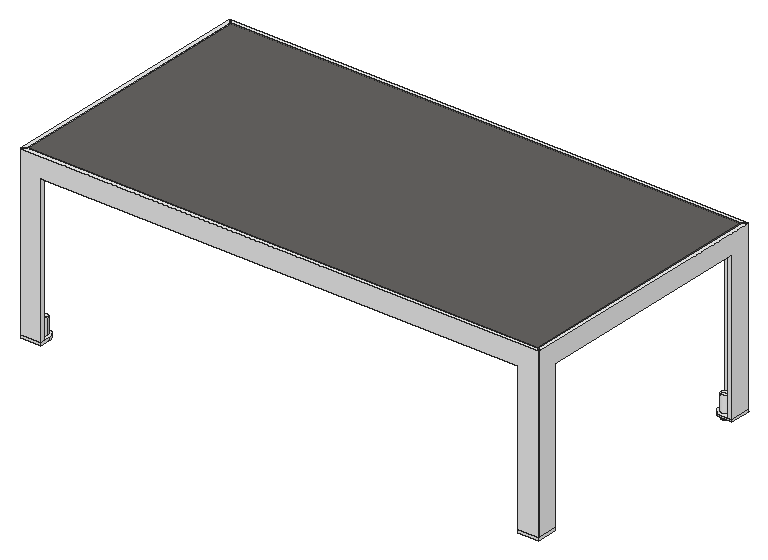
Revit family "Table-Multi_Use-Teknion-PRBB-R2014", category Furniture, Revit 2014
Parameters (values of type "(See Type Catalog)")
  Width = 50 123/128"
  Warranty = "http://www.teknionstudio.com/pdfs/Teknion%20Studio%20Warranty.pdf"
  Unit Weight = 0.00 lbf
  URL = "www.teknionstudio.com"
  Table Top Finish = Veneer - Teknion - P7 - Grey Oak
  Series = "B&B Italia"
  Product Page URL = "http://www.teknionstudio.com/progetto1/"
  Product Line = "Progetto"
  Product Documentation Link = "http://www.teknionstudio.com/pricing/progetto_ppg.pdf"
  Part Number = "PRBB"
  Model = ""
  Manufacturer Phone = "919-464-2920"
  Manufacturer Fax = "919-464-2927"
  Manufacturer Email = "customersupport@teknionstudio.com"
  Manufacturer Address = "3941 US 70 Business HWY West, Clayton, NC 27520"
  Manufacturer = "StudioTK"  # constant formula
  Low Emitting Material = yes
  Low Emitting Finish = yes
  Interior Frame Finish = Metal - Teknion - 52 - Painted Ebony
  Height = 17 13/256"
  Foot Offset = if(Adjustable Foot, 5/8", 1/4")  # 5/8"
  Fixed Foot = not(Adjustable Foot)  # no
  Exterior Frame Finish = Metal - Teknion - C6 - Chrome
  Description = "Multi Use Table with Single Internal Frame, 26\"d x 52\"w x 17\"h, Veneer Top, Adjustable Foot"
  Depth = 25 197/256"
  Assembly Code = "E2020200"
  Adjustable Foot = yes
Reference planes (in)
  plane 1 "Center F/B": y = 0
  plane 2: z = 0
  plane 3 "Center L/R": x = 0
  plane 4 "Left": x = -25.48047
  plane 5 "Right": x = 25.48047
  plane 6 "Back": y = 12.88477
  plane 7 "Front": y = -12.88477
  plane 8 "Top": z = 17.05078
  plane 9: z = 0.625
  plane 10 "Revolve Front": y = -11.61319
  plane 11 "Revolve Back": y = 11.61319
Forms (in)
  Sweep 1, solid, material "Veneer - Teknion - P7 - Grey Oak" <- "Table Top Finish"
    path origin (0, 0, 17.05078) x (-1, 0, 0) y (0, -1, 0)
      loop
        line (25.07905, 0) -> (-25.07905, 0)
    profile origin (0, 0, 17.05078) x (0, 1, 0) y (0, 0, 1)
      loop
        line (12.48335, 0) -> (-12.48335, 0) -> (-12.48335, -0.40625) -> (12.48335, -0.40625) -> (12.48335, 0)
  Sweep 2, solid, material "Metal - Teknion - C6 - Chrome" <- "Exterior Frame Finish"
    path origin (0, 0, 0) x (1, 0, 0) y (0, 0, 1)
      loop
        line (0, 17.05078) -> (0, 0.625)
    profile origin (0, 0, 8.83789) x (0, -1, 0) y (1, 0, 0)
      loop
        line (-10.8641, -25.07905) -> (-12.38506, -25.07905) -> (-12.78648, -25.48047) -> (-10.8641, -25.48047) -> (-10.8641, -25.07905)
      loop
        line (-12.48335, -24.98077) -> (-12.48335, -23.4598) -> (-12.88477, -23.4598) -> (-12.88477, -25.38218) -> (-12.48335, -24.98077)
      loop
        line (-10.8641, 25.07905) -> (-10.8641, 25.48047) -> (-12.78648, 25.48047) -> (-12.38506, 25.07905) -> (-10.8641, 25.07905)
      loop
        line (-12.48335, 24.98077) -> (-12.88477, 25.38218) -> (-12.88477, 23.4598) -> (-12.48335, 23.4598) -> (-12.48335, 24.98077)
      loop
        line (10.8641, 25.07905) -> (12.38506, 25.07905) -> (12.78648, 25.48047) -> (10.8641, 25.48047) -> (10.8641, 25.07905)
      loop
        line (12.48335, 24.98077) -> (12.48335, 23.4598) -> (12.88477, 23.4598) -> (12.88477, 25.38218) -> (12.48335, 24.98077)
      loop
        line (10.8641, -25.07905) -> (10.8641, -25.48047) -> (12.78648, -25.48047) -> (12.38506, -25.07905) -> (10.8641, -25.07905)
      loop
        line (12.48335, -24.98077) -> (12.88477, -25.38218) -> (12.88477, -23.4598) -> (12.48335, -23.4598) -> (12.48335, -24.98077)
  Sweep 3, solid, material "Metal - Teknion - C6 - Chrome" <- "Exterior Frame Finish"
    path origin (0, 0, 17.05078) x (-1, 0, 0) y (0, -1, 0)
      loop
        line (0, 10.8641) -> (0, -10.8641)
    profile origin (0, 0, 17.05078) x (-1, 0, 0) y (0, 0, 1)
      loop
        line (25.48047, 0) -> (25.07905, 0) -> (25.07905, -1.9685) -> (25.48047, -1.9685) -> (25.48047, 0)
      loop
        line (-25.48047, 0) -> (-25.48047, -1.9685) -> (-25.07905, -1.9685) -> (-25.07905, 0) -> (-25.48047, 0)
  Sweep 4, solid, material "Metal - Teknion - C6 - Chrome" <- "Exterior Frame Finish", visible <- "Adjustable Foot"
    path origin (0, 0, 0) x (1, 0, 0) y (0, 0, 1)
      loop
        line (0, 0.376) -> (0, 0.625)
    profile origin (0, 0, 0.5005) x (-1, 0, 0) y (0, -1, 0)
      loop
        line (25.48047, -12.88477) -> (25.48047, -10.8641) -> (24.4598, -10.8641)
        arc (24.4598, -10.8641) -> (23.75269, -11.15699) -> (23.4598, -11.8641) r 1
        line (23.4598, -11.8641) -> (23.4598, -12.88477) -> (25.48047, -12.88477)
      loop
        line (-25.48047, -12.88477) -> (-23.4598, -12.88477) -> (-23.4598, -11.8641)
        arc (-23.4598, -11.8641) -> (-23.75269, -11.15699) -> (-24.4598, -10.8641) r 1
        line (-24.4598, -10.8641) -> (-25.48047, -10.8641) -> (-25.48047, -12.88477)
      loop
        line (-25.48047, 12.88477) -> (-25.48047, 10.8641) -> (-24.4598, 10.8641)
        arc (-24.4598, 10.8641) -> (-23.75269, 11.15699) -> (-23.4598, 11.8641) r 1
        line (-23.4598, 11.8641) -> (-23.4598, 12.88477) -> (-25.48047, 12.88477)
      loop
        line (25.48047, 12.88477) -> (23.4598, 12.88477) -> (23.4598, 11.8641)
        arc (23.4598, 11.8641) -> (23.75269, 11.15699) -> (24.4598, 10.8641) r 1
        line (24.4598, 10.8641) -> (25.48047, 10.8641) -> (25.48047, 12.88477)
  Revolve 5, solid, material "Metal - Teknion - C6 - Chrome" <- "Exterior Frame Finish", visible <- "Adjustable Foot"
    sketch origin (0, -11.61319, 0) x (1, 0, 0) y (0, 0, 1)
      loop
        line (-23.8348, 2.17054) -> (-24.2098, 2.17054) -> (-24.2098, 0) -> (-23.8973, 0) -> (-23.8973, 0.126) -> (-23.8348, 0.126) -> (-23.8348, 2.17054)
      axis (-24.2098, 0) -> (-24.2098, 2.17054)
    angle from 0 to 360
  Sweep 6, solid, material "Metal - Teknion - C6 - Chrome" <- "Exterior Frame Finish", visible <- "Fixed Foot"
    path origin (0, -11.61319, 0) x (1, 0, 0) y (0, 0, 1)
      loop
        line (0, 0.376) -> (0, 0.625)
    profile origin (0, -11.61319, 0.5005) x (-1, 0, 0) y (0, -1, 0)
      loop
        line (23.4598, -24.09654) -> (23.4598, -24.49795) -> (25.48047, -24.49795) -> (25.48047, -22.47729) -> (25.07905, -22.47729) -> (25.07905, -24.09654) -> (23.4598, -24.09654)
      loop
        line (-23.4598, -24.49795) -> (-23.4598, -24.09654) -> (-25.07905, -24.09654) -> (-25.07905, -22.47729) -> (-25.48047, -22.47729) -> (-25.48047, -24.49795) -> (-23.4598, -24.49795)
      loop
        line (-25.48047, -0.74909) -> (-25.07905, -0.74909) -> (-25.07905, 0.87016) -> (-23.4598, 0.87016) -> (-23.4598, 1.27158) -> (-25.48047, 1.27158) -> (-25.48047, -0.74909)
      loop
        line (23.4598, 1.27158) -> (23.4598, 0.87016) -> (25.07905, 0.87016) -> (25.07905, -0.74909) -> (25.48047, -0.74909) -> (25.48047, 1.27158) -> (23.4598, 1.27158)
  Sweep 7, solid, material "Metal - Teknion - 52 - Painted Ebony" <- "Interior Frame Finish"
    path origin (0, 0, 17.05078) x (-1, 0, 0) y (0, -1, 0)
      loop
        line (25.07905, -12.48335) -> (25.07905, 12.48335) -> (-25.07905, 12.48335) -> (-25.07905, -12.48335) -> (25.07905, -12.48335)
    profile origin (-25.07905, 0, 17.05078) x (-1, 0, 0) y (0, 0, 1)
      loop
        line (-0.40142, -1.9685) -> (0, -1.9685) -> (0, -0.40625) -> (-0.40142, -0.40625) -> (-0.40142, -1.9685)
  Sweep 8, solid, material "Metal - Teknion - C6 - Chrome" <- "Exterior Frame Finish"
    path origin (0, 0, 17.05078) x (0, 1, 0) y (-1, 0, 0)
      loop
        line (0, 23.4598) -> (0, -23.4598)
    profile origin (0, 0, 17.05078) x (0, 1, 0) y (0, 0, 1)
      loop
        line (12.88477, 0) -> (12.48335, 0) -> (12.48335, -1.9685) -> (12.88477, -1.9685) -> (12.88477, 0)
      loop
        line (-12.88477, 0) -> (-12.88477, -1.9685) -> (-12.48335, -1.9685) -> (-12.48335, 0) -> (-12.88477, 0)
  Revolve 9, solid, material "Metal - Teknion - C6 - Chrome" <- "Exterior Frame Finish", visible <- "Adjustable Foot"
    sketch origin (0, -11.61319, 0) x (-1, 0, 0) y (0, 0, 1)
      loop
        line (-23.8348, 2.17054) -> (-24.2098, 2.17054) -> (-24.2098, 0) -> (-23.8973, 0) -> (-23.8973, 0.126) -> (-23.8348, 0.126) -> (-23.8348, 2.17054)
      axis (-24.2098, 0) -> (-24.2098, 2.17054)
    angle from 0 to 360
  Revolve 10, solid, material "Metal - Teknion - C6 - Chrome" <- "Exterior Frame Finish", visible <- "Adjustable Foot"
    sketch origin (0, 11.61319, 0) x (1, 0, 0) y (0, 0, 1)
      loop
        line (-23.8348, 2.17054) -> (-24.2098, 2.17054) -> (-24.2098, 0) -> (-23.8973, 0) -> (-23.8973, 0.126) -> (-23.8348, 0.126) -> (-23.8348, 2.17054)
      axis (-24.2098, 0) -> (-24.2098, 2.17054)
    angle from 0 to 360
  Revolve 11, solid, material "Metal - Teknion - C6 - Chrome" <- "Exterior Frame Finish", visible <- "Adjustable Foot"
    sketch origin (0, 11.61319, 0) x (1, 0, 0) y (0, 0, 1)
      loop
        line (23.8348, 2.17054) -> (23.8348, 0.126) -> (23.8973, 0.126) -> (23.8973, 0) -> (24.2098, 0) -> (24.2098, 2.17054) -> (23.8348, 2.17054)
      axis (24.2098, 0) -> (24.2098, 2.17054)
    angle from 0 to 360
Cuts and joins
  joined: Sweep 4, Revolve 5, Revolve 9, Revolve 10, Revolve 11
  joined: Sweep 2, Sweep 3, Sweep 8
Lines and regions (in)
  Masking region 1
    outline origin (0, 0, 17.05078) x (-1, 0, 0) y (0, -1, 0)
      loop
        line (25.48047, -12.88477) -> (25.48047, 12.88477) -> (-25.48047, 12.88477) -> (-25.48047, -12.88477) -> (25.48047, -12.88477)
  symbolic lines, style "Furniture", detail levels medium+fine
    curve 1: line (-25.07905, 12.48335, 17.05078) -> (-25.07905, -12.48335, 17.05078)
    curve 2: line (-25.07905, -12.48335, 17.05078) -> (25.07905, -12.48335, 17.05078)
    curve 3: line (25.07905, -12.48335, 17.05078) -> (25.07905, 12.48335, 17.05078)
    curve 4: line (25.07905, 12.48335, 17.05078) -> (-25.07905, 12.48335, 17.05078)
  symbolic lines, style "FurnitureHiddenLines", detail levels fine
    curve 5: line (-24.67764, 12.08193, 17.05078) -> (24.67764, 12.08193, 17.05078)
    curve 6: line (-24.67764, -12.08193, 17.05078) -> (-24.67764, 12.08193, 17.05078)
    curve 7: line (24.67764, -12.08193, 17.05078) -> (-24.67764, -12.08193, 17.05078)
    curve 8: line (24.67764, 12.08193, 17.05078) -> (24.67764, -12.08193, 17.05078)
Dimensions and locks (in)
  equal spacing: plane 4 "Left", plane 3 "Center L/R", plane 5 "Right"
  equal spacing: plane 6 "Back", plane 1 "Center F/B", plane 7 "Front"
  locked: Sweep 1 sketch curve to plane 5 "Right" at 0.40142
  locked: plane 4 "Left" to Sweep 1 sketch curve at 0.40142
  locked: plane 8 "Top" to Sweep 1 sketch curve at 0.40625
  locked: plane 6 "Back" to Sweep 1 sketch curve at 0.40142
  locked: Sweep 1 sketch curve to plane 7 "Front" at 0.40142
  locked: plane 4 "Left" to Sweep 2 sketch curve at 2.02067  (x2)
  locked: Sweep 2 sketch curve to plane 7 "Front" at 2.02067
  locked: plane 4 "Left" to Sweep 2 sketch curve at 0.40142  (x2)
  locked: plane 7 "Front" to Sweep 2 sketch curve at 0.40142
  locked: Sweep 2 sketch curve to plane 7 "Front" at 0.40142
  locked: Sweep 2 sketch curve to plane 5 "Right" at 0.40142  (x2)
  locked: plane 7 "Front" to Sweep 2 sketch curve at 2.02067
  locked: Sweep 2 sketch curve to plane 5 "Right" at 2.02067  (x2)
  locked: plane 9 to Sweep 4 sketch curve at 0.249
  "Width": plane 4 "Left" to plane 5 "Right"
  "Depth": plane 6 "Back" to plane 7 "Front"
  locked: plane 4 "Left" to Sweep 4 sketch curve at 1.02067  (x2)
  locked: plane 6 "Back" to Sweep 4 sketch curve at 1.02067  (x2)
  locked: Sweep 4 sketch curve to plane 5 "Right" at 1.02067  (x2)
  locked: plane 7 "Front" to Sweep 4 sketch curve at 1.02067  (x2)
  locked: Revolve 5 sketch curve to Revolve 5 sketch curve at 0.375
  locked: Revolve 5 sketch curve to Revolve 5 sketch curve at 0.3125
  locked: plane 6 "Back" to Sweep 2 sketch curve at 2.02067
  locked: Sweep 2 sketch curve to plane 6 "Back" at 0.40142
  locked: plane 6 "Back" to Sweep 2 sketch curve at 0.40142
  locked: Sweep 2 sketch curve to plane 6 "Back" at 2.02067
  locked: Revolve 5 sketch curve to plane 4 "Left" at 1.27067
  locked: Revolve 5 sketch curve to plane 2 at 2.17054
  locked: plane 7 "Front" to plane 10 "Revolve Front" at 1.27158
  locked: plane 6 "Back" to plane 11 "Revolve Back" at 1.27158
  locked: plane 9 to Sweep 6 sketch curve at 0.249
  "Foot Offset": plane 9 to plane 2
  locked: plane 4 "Left" to Sweep 7 sketch curve at 0.40142
  locked: Sweep 7 sketch curve to plane 5 "Right" at 0.40142
  locked: Sweep 7 sketch curve to plane 6 "Back" at 0.40142
  locked: plane 7 "Front" to Sweep 7 sketch curve at 0.40142
  locked: profile plane to Sweep 7 sketch curve at 0.40142
  locked: profile plane to Sweep 7 sketch curve at 1.9685
  locked: plane 8 "Top" to Sweep 7 sketch curve at 0.40625
  locked: plane 4 "Left" to Sweep 3 sketch curve at 0.40142
  locked: plane 8 "Top" to Sweep 3 sketch curve at 1.9685  (x2)
  locked: Sweep 3 sketch curve to plane 5 "Right" at 0.40142
  locked: plane 6 "Back" to Sweep 8 sketch curve at 0.40142
  locked: plane 8 "Top" to Sweep 8 sketch curve at 1.9685
  locked: Sweep 8 sketch curve to plane 7 "Front" at 0.40142
  locked: Sweep 8 sketch curve to plane 8 "Top" at 1.9685
  locked: plane 7 "Front" to Sweep 3 sketch curve at 2.02067
  locked: plane 6 "Back" to Sweep 3 sketch curve at 2.02067
  locked: plane 4 "Left" to Sweep 8 sketch curve at 2.02067
  locked: Sweep 8 sketch curve to plane 5 "Right" at 2.02067
  locked: Revolve 9 sketch curve to Revolve 9 sketch curve at 0.375
  locked: Revolve 9 sketch curve to Revolve 9 sketch curve at 0.3125
  locked: plane 5 "Right" to Revolve 9 sketch curve at 1.27067
  locked: Revolve 9 sketch curve to plane 2 at 2.17054
  locked: Revolve 10 sketch curve to Revolve 10 sketch curve at 0.375
  locked: Revolve 10 sketch curve to Revolve 10 sketch curve at 0.3125
  locked: Revolve 11 sketch curve to Revolve 11 sketch curve at 0.375
  locked: Revolve 11 sketch curve to Revolve 11 sketch curve at 0.3125
  locked: Revolve 10 sketch curve to plane 4 "Left" at 1.27067
  locked: Revolve 10 sketch curve to plane 2 at 2.17054
  locked: plane 5 "Right" to Revolve 11 sketch curve at 1.27067
  locked: Revolve 11 sketch curve to plane 2 at 2.17054
  "Height": plane 8 "Top" to plane 2
  locked: Sweep 2 sketch curve to Sweep 2 sketch curve at 0.139  (x4)
  locked: Revolve 5 sketch curve to plane 2 at 0.126
  locked: Revolve 10 sketch curve to plane 2 at 0.126
  locked: Revolve 9 sketch curve to plane 2 at 0.126
  locked: Revolve 11 sketch curve to plane 2 at 0.126
  locked: plane 7 "Front" to curve 7 at 0.80283
  locked: plane 6 "Back" to curve 5 at 0.80283
  locked: curve 8 to plane 5 "Right" at 0.80283
  locked: plane 4 "Left" to curve 6 at 0.80283
  aligned and locked: level to plane 2
  aligned and locked: Sweep 1 sketch curve to plane 1 "Center F/B"
  aligned and locked: Sweep 1 sketch curve to plane 8 "Top"
  aligned and locked: plane 8 "Top" to Sweep 2 sketch curve
  aligned and locked: plane 9 to Sweep 2 sketch curve
  aligned and locked: Sweep 2 sketch curve to plane 3 "Center L/R"
  aligned and locked: plane 4 "Left" to Sweep 2 sketch curve  (x2)
  aligned and locked: Sweep 2 sketch curve to plane 6 "Back"  (x2)
  aligned and locked: Sweep 2 sketch curve to plane 5 "Right"
  aligned and locked: Sweep 2 sketch curve to plane 7 "Front"  (x2)
  aligned and locked: plane 5 "Right" to Sweep 2 sketch curve
  aligned and locked: plane 3 "Center L/R" to Sweep 4 sketch curve
  aligned and locked: plane 9 to Sweep 4 sketch curve
  aligned and locked: Sweep 4 sketch curve to plane 4 "Left"
  aligned and locked: Sweep 4 sketch curve to plane 6 "Back"  (x2)
  aligned and locked: Sweep 4 sketch curve to plane 7 "Front"  (x2)
  aligned and locked: plane 4 "Left" to Sweep 4 sketch curve
  aligned and locked: plane 5 "Right" to Sweep 4 sketch curve
  aligned and locked: Sweep 4 sketch curve to plane 5 "Right"
  aligned and locked: Revolve 5 sketch curve to Revolve 5 sketch curve
  aligned and locked: plane 3 "Center L/R" to Sweep 6 sketch curve
  aligned and locked: plane 9 to Sweep 6 sketch curve
  aligned and locked: Sweep 6 sketch curve to Sweep 2  (x24)
  aligned and locked: profile plane to Sweep 7 sketch curve
  aligned and locked: plane 3 "Center L/R" to Sweep 3 sketch curve
  aligned and locked: plane 4 "Left" to Sweep 3 sketch curve
  aligned and locked: Sweep 3 sketch curve to plane 8 "Top"  (x2)
  aligned and locked: plane 5 "Right" to Sweep 3 sketch curve
  aligned and locked: Sweep 8 sketch curve to plane 1 "Center F/B"
  aligned and locked: Sweep 8 sketch curve to plane 8 "Top"
  aligned and locked: Sweep 8 sketch curve to plane 6 "Back"
  aligned and locked: plane 7 "Front" to Sweep 8 sketch curve
  aligned and locked: plane 8 "Top" to Sweep 8 sketch curve
  aligned and locked: Revolve 9 sketch curve to Revolve 9 sketch curve
  aligned and locked: Revolve 9 sketch curve to plane 2
  aligned and locked: Revolve 10 sketch curve to Revolve 10 sketch curve
  aligned and locked: Revolve 11 sketch curve to Revolve 11 sketch curve
  aligned and locked: Revolve 11 sketch curve to plane 2
  aligned and locked: Masking region 1 sketch curve to plane 6 "Back"
  aligned and locked: Masking region 1 sketch curve to plane 7 "Front"
  aligned and locked: Masking region 1 sketch curve to plane 5 "Right"
  aligned and locked: Masking region 1 sketch curve to plane 4 "Left"
  aligned and locked: curve 1 to Sweep 1
  aligned and locked: curve 2 to Sweep 1
  aligned and locked: curve 3 to Sweep 1
  aligned and locked: curve 4 to Sweep 1
  aligned and locked: Revolve 5 sketch curve to plane 2
  aligned and locked: Revolve 10 sketch curve to plane 2
Automatic sketch dimensions
  Sweep 4 sketch curve to Sweep 4 sketch curve = 1"  (x4)
  Revolve 5 sketch curve to Revolve 5 sketch curve = 0.28131"
  Revolve 5 sketch curve to Revolve 5 sketch curve = 0.04815"
  Revolve 9 sketch curve to Revolve 9 sketch curve = 0.28131"
  Revolve 9 sketch curve to Revolve 9 sketch curve = 0.04815"
  Revolve 10 sketch curve to Revolve 10 sketch curve = 0.28131"
  Revolve 10 sketch curve to Revolve 10 sketch curve = 0.04815"
  Revolve 11 sketch curve to Revolve 11 sketch curve = 0.28131"
  Revolve 11 sketch curve to Revolve 11 sketch curve = 0.04815"
  Sweep 2 sketch curve to Sweep 2 sketch curve = 0.09829"  (x8)
